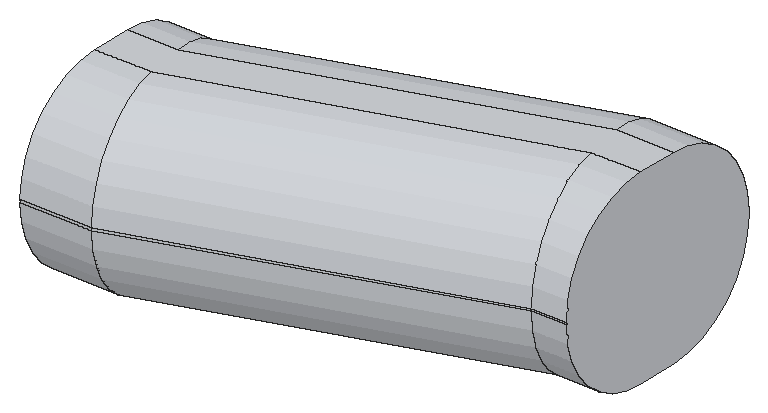
Revit family "M_Deslocamento oval", category Conexões de duto, Revit 2019
Family settings
  Cota do conector redondo = Utilizar diâmetro
  Tipo de parte = Deslocamento
  Número OmniClass = 23.75.70.14
  Título OmniClass = Air Ductwork
  ID de item do Seek = Oval Offset-0000-CAN-ENU
  Com base no plano de trabalho = Não
  Sempre na vertical = Sim
  Corte com vazios quando carregada = Não
  Compartilhado = Não
Parameters (values of type "Padrão")
  Largura 1 [instance] = 2 * Largura do duto - 25.4 mm  # 584.2 mm
  Deslocamento 3 [instance] = if(Deslocamento > ((Comprimento do duto 1 - Largura do duto * tan(30.00°) - 25.4 mm) * tan(60.00°)), ((Comprimento do duto 1 - Largura do duto * tan(30.00°) - 25.4 mm) * tan(60.00°) * (Deslocamento / abs(Deslocamento))), Deslocamento)  # 152.4 mm
  Deslocamento 2 [instance] = if(abs(Deslocamento) > (0.75 * Largura do duto), (Deslocamento / abs(Deslocamento)) * 0.75 * Largura do duto, Deslocamento)  # 152.4 mm
  Deslocamento 1 [instance] = if(abs(Deslocamento 2) < abs(Deslocamento 3), Deslocamento 2, Deslocamento 3)  # 152.4 mm
  Deslocamento [instance] = 152.4 mm
  Comprimento 6 [instance] = Comprimento do duto 2 * 2 + (Deslocamento 1 / tan(Ângulo 1))  # 685.8 mm
  Comprimento 2 [instance] = Comprimento 1 + Deslocamento 1  # 3200.4 mm
  Comprimento 1 [instance] = 3048 mm
  Largura do duto [instance] = 304.8 mm
  Comprimento do duto 2 [instance] = ((0.5 * Largura do duto) * tan(0.5 * Ângulo 1)) + 50.8 mm  # 71.812 mm
  Comprimento do duto 1 [instance] = 2 * Largura do duto  # 609.6 mm
  Altura do duto [instance] = 254 mm
  Ângulo 1 [instance] = 2 * atan((Largura 1 - sqrt((Largura 1 ^ 2) - 2 * Largura do duto * abs(Deslocamento 1) + Deslocamento 1 ^ 2)) / (2 * Largura do duto - abs(Deslocamento 1)))  # 15.7001°
Reference planes
  plane 1 "Centro (Frente/Trás)": y = 0
  plane 2: z = 0
  plane 3 "Centro (Esquerda/Direita)": x = 0
  plane 4: x = 609.6
  plane 5: x = 71.812
  plane 6: x = 537.788
  plane 7: y = 152.4
  plane 8: y = -3048
Forms (mm)
  Sweep 1, solid, detail levels medium+fine
    path in 3D
      loop
        line (0, 0, 0) -> (71.812, 0, 0) -> (537.788, 152.4, 0) -> (609.6, 152.4, 0)
    profile "M_Duto - Oval : Duto - Oval" origin (35.906, 0, 0) x (0, 1, 0) y (0, 0, 1)
      loop
        line (-152.4, 1.588) -> (-152.4, -1.587)
        arc (-152.4, -1.587) -> (-115.668, -90.268) -> (-26.987, -127) r 125.413
        line (-26.987, -127) -> (26.988, -127)
        arc (26.988, -127) -> (115.668, -90.268) -> (152.4, -1.588) r 125.413
        line (152.4, -1.588) -> (152.4, 1.587)
        arc (152.4, 1.587) -> (115.668, 90.268) -> (26.988, 127) r 125.413
        line (26.988, 127) -> (-26.988, 127)
        arc (-26.988, 127) -> (-115.668, 90.268) -> (-152.4, 1.588) r 125.413
Lines and regions (mm)
  model lines, detail levels coarse
    curve 1: line (71.812, 0, 0) -> (537.788, 152.4, 0)
    curve 2: line (0, 0, 0) -> (71.812, 0, 0)
    curve 3: line (537.788, 152.4, 0) -> (609.6, 152.4, 0)
  sketch lines
    curve 4: line (0, 0, 0) -> (71.812, 0, 0)
    curve 5: line (71.812, 0, 0) -> (537.788, 152.4, 0)
    curve 6: line (537.788, 152.4, 0) -> (609.6, 152.4, 0)
Dimensions and locks
  "Comprimento do duto 1": plane 3 "Centro (Esquerda/Direita)" to plane 4
  "Comprimento do duto 2": plane 3 "Centro (Esquerda/Direita)" to plane 5
  "Comprimento do duto 2": plane 6 to plane 4
  "Comprimento 1": plane 1 "Centro (Frente/Trás)" to plane 8
  "Comprimento 2": plane 7 to plane 8
  aligned and locked: plane 1 "Centro (Frente/Trás)" to curve 1
  aligned and locked: plane 1 "Centro (Frente/Trás)" to curve 2
  aligned and locked: plane 3 "Centro (Esquerda/Direita)" to curve 2
  aligned and locked: plane 5 to curve 2
  aligned and locked: plane 4 to curve 3
  aligned and locked: plane 6 to curve 3
Automatic sketch dimensions
  curve 1 to plane 7 = 0 mm
Connectors
  hvac at (0, 0, 0), driven by "Altura do duto", driven by "Largura do duto"
    settings: on Sweep 1, index 1, duct flow 0.0 L/s, flow factor 0, pres drop 0.0 Pa, loss coef 0, conn angle 0.00°, conn width 304.8 mm, conn height 254 mm, conn diameter 609.6 mm, duct sys type 28, conn prof type 2, flow config 0, flow direction 0, loss method 0, conn ref index 2, conn util no, is conn primary yes, conn desc ""
  hvac at (609.6, 152.4, 0), driven by "Altura do duto", driven by "Largura do duto"
    settings: on Sweep 1, index 2, duct flow 0.0 L/s, flow factor 0, pres drop 0.0 Pa, loss coef 0, conn angle 0.00°, conn width 304.8 mm, conn height 254 mm, conn diameter 609.6 mm, duct sys type 28, conn prof type 2, flow config 0, flow direction 0, loss method 0, conn ref index 1, conn util no, is conn primary no, conn desc ""
